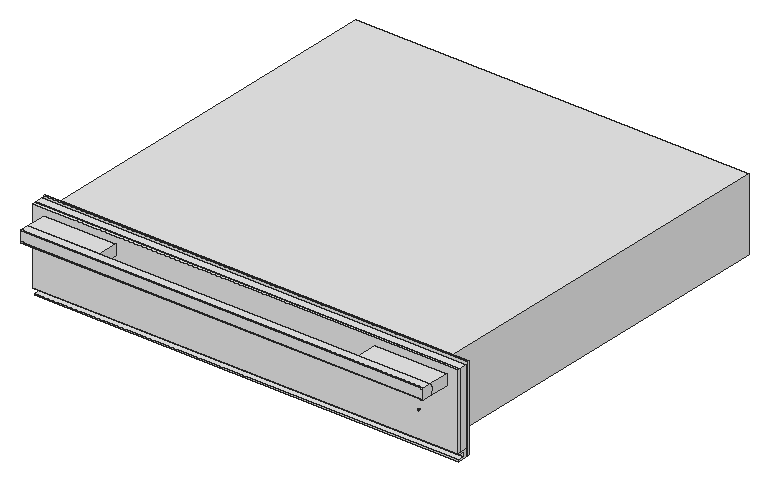
Revit family "Fisher & Paykel Warming Drawer WB60SDEB1", category Generic Models, host Floor, Revit 2013
Parameters (values of type "Fisher&Paykel Warming Drawer WB60SDEB1")
  Warming Drawer = Warming Drawer
  URL = "www.fisherpaykel.com"
  Model = "WB60SDEB1"
  Manufacturer = "Fisher&Paykel"
  Description = "Fisher&Paykel Warming Drawer WB60SDEB1"
Reference planes (in)
  plane 1 "Center (Front/Back)": y = 0
  plane 2: z = 0
  plane 3 "Center (Left/Right)": x = 0
Dimensions and locks (in)
  equal spacing: host sketch curve, plane 1 "Center (Front/Back)", host sketch curve
  equal spacing: host sketch curve, plane 3 "Center (Left/Right)", host sketch curve
  host sketch curve to host sketch curve = 10' - 0"  (x2)
  aligned and locked: level to plane 2
Nested families (in)
  nested 1: "old_Fisher & Paykel Warming Drawer WB60SDEB1" at (0, 0, 0), type "Fisher&Paykel Warming Drawer WB60SDEB1"
Definition of nested family "old_Fisher & Paykel Warming Drawer WB60SDEB1"
  Parameters (values of type "Fisher&Paykel Warming Drawer WB60SDEB1")
    Width = 1' - 11.46457"
    URL = "www.fisherpaykel.com"
    Warming Drawer = Warming Drawer
    Model = "WB60SDEB1"
    Manufacturer = "Fisher&Paykel"
    Height = 0' - 4.64567"
    Description = "Fisher&Paykel Warming Drawer WB60SDEB1"
    Depth = 1' - 9.09449"
  Reference planes (in)
    plane 1 "Center (Front/Back)": y = 0
    plane 2: z = 0
    plane 3 "Center (Left/Right)": x = 0
    plane 4: x = -11.73228
    plane 5: x = 11.73228
    plane 6: y = 10.54724
    plane 7: y = -10.54724
    plane 8: z = 4.64567
    plane 9: x = -10.84646
    plane 10: x = 10.84646
    plane 11: y = -11.29921
    plane 12: y = -12.91339
    plane 13: x = -11.12205
    plane 14: x = 11.12205
    plane 15: z = 0.62992
    plane 16: z = 4.17323
    plane 17: z = 3.54331
    plane 18: z = 0.3937
    plane 19: y = 9.8622
    plane 20: y = -10.61024
    plane 21: y = -10.74409
    plane 22: y = -11.14173
    plane 23: z = 0.68898
    plane 24: z = 2.42126
    plane 25: z = 4.56693
  Forms (in)
    Extrusion 1, solid, material "Warming Drawer" <- "Warming Drawer"
      sketch origin (0, 0, 0) x (1, 0, 0) y (0, 1, 0)
        loop
          line (-10.84646, 9.8622) -> (-10.84646, -10.54724) -> (10.84646, -10.54724) -> (10.84646, 9.8622) -> (-10.84646, 9.8622)
      from 0.62992 to 4.64567
    Extrusion 2, solid, material "Warming Drawer" <- "Warming Drawer"
      sketch origin (0, -0.05906, -9.29134) x (1, 0, 0) y (0, 1, 0)
        loop
          line (-11.11417, -12.39394) -> (-7.17717, -12.39394) -> (-7.17717, -11.27559) -> (-11.11417, -11.27559) -> (-11.11417, -12.39394)
        loop
          line (11.11417, -12.39394) -> (11.11417, -11.27559) -> (7.17717, -11.27559) -> (7.17717, -12.39394) -> (11.11417, -12.39394)
      from 12.85827 to 13.46457
    Extrusion 3, solid, material "Warming Drawer" <- "Warming Drawer"
      sketch origin (0, -0.05906, -9.29134) x (0, 1, 0) y (0, 0, 1)
        loop
          arc (-12.92913, 12.90197) -> (-12.91288, 12.86271) -> (-12.87362, 12.84646) r 0.05551
          line (-12.87362, 12.84646) -> (-12.43569, 12.84646)
          arc (-12.43569, 12.84646) -> (-12.29886, 13.16142) -> (-12.43569, 13.47638) r 0.43093
          line (-12.43569, 13.47638) -> (-12.8736, 13.47638)
          arc (-12.8736, 13.47638) -> (-12.91287, 13.46011) -> (-12.92913, 13.42085) r 0.05553
          line (-12.92913, 13.42085) -> (-12.92913, 12.90197)
      from -11.12205 to 11.12205
    Extrusion 4, solid, material "Warming Drawer" <- "Warming Drawer"
      sketch origin (0, 0, 0) x (1, 0, 0) y (0, 1, 0)
        loop
          line (10.05906, 9.8622) -> (10.05906, 10.55512) -> (7.69685, 10.55512) -> (7.69685, 9.8622) -> (10.05906, 9.8622)
      from 2.12598 to 3.70079
    Extrusion 5, solid, material "Warming Drawer" <- "Warming Drawer"
      sketch origin (0, 0.06177, 0.66021) x (0, 1, 0) y (0, 0, 1)
        loop
          circle (10.25761, 2.2529) r 0.15748
      from 6.90945 to 7.69685
    Extrusion 6, solid, material "Warming Drawer" <- "Warming Drawer"
      sketch origin (0, 0, 0) x (0, 1, 0) y (0, 0, 1)
        loop
          line (-10.54724, 4.64567) -> (-10.61024, 4.64567) -> (-10.61024, 0) -> (-10.54724, 0) -> (-10.54724, 4.64567)
      from -11.73228 to 11.73228
    Extrusion 7, solid, material "Warming Drawer" <- "Warming Drawer"
      sketch origin (0, 0, 0) x (1, 0, 0) y (0, 1, 0)
        loop
          line (-10.54724, -10.61024) -> (-10.54724, -10.74409) -> (7.01181, -10.74409) -> (7.01181, -10.61024) -> (-10.54724, -10.61024)
      from 0.69291 to 2.4252
    Extrusion 8, solid, material "Warming Drawer" <- "Warming Drawer"
      sketch origin (0, 0, 0) x (0, 1, 0) y (0, 0, 1)
        loop
          line (-11.33465, 4.56693) -> (-11.33465, 0.38583) -> (-11.17717, 0.38583) -> (-11.17717, 4.56693) -> (-11.33465, 4.56693)
      from -11.73228 to 11.73228
    Extrusion 9, solid, material "Warming Drawer" <- "Warming Drawer"
      sketch origin (0, 0, 0) x (0, 1, 0) y (0, 0, 1)
        loop
          line (-10.74409, 0.38583) -> (-11.25591, 0.38583) -> (-11.25591, 0.31496) -> (-10.8937, 0.31496) -> (-10.8937, 0.07874) -> (-11.25591, 0.07874) -> (-11.25591, 0) -> (-10.74409, 0) -> (-10.74409, 0.38583)
      from -11.73228 to 11.73228
    Extrusion 10, solid, material "Warming Drawer" <- "Warming Drawer"
      sketch origin (0, 0, 0) x (0, 1, 0) y (0, 0, 1)
        loop
          line (-11.17717, 4.56693) -> (-11.17717, 0.38583) -> (-10.74409, 0.38583) -> (-10.74409, 4.56693) -> (-11.17717, 4.56693)
      from -11.73228 to 11.73228
    Extrusion 11, void
      sketch origin (0, 0, 0) x (1, 0, 0) y (0, 0, 1)
        loop
          circle (9.63062, 1.8622) r 0.07874
      from 11.17717 to 11.33465
  Cuts and joins
    Extrusion 11 cuts Extrusion 1
    Extrusion 11 cuts Extrusion 8
  Dimensions and locks (in)
    equal spacing: plane 4, plane 3 "Center (Left/Right)", plane 5
    equal spacing: plane 6, plane 1 "Center (Front/Back)", plane 7
    "Width": plane 4 to plane 5
    "Depth": plane 6 to plane 7
    "Height": plane 8 to level
    plane 9 to plane 10 = 1' - 9.69291"
    plane 7 to plane 20 to plane 21 to plane 22 to plane 11 to plane 12 = 0' - 0.06299", 0' - 0.13386", 0' - 0.39764", 0' - 0.15748", 0' - 1.61417"
    plane 13 to plane 14 = 1' - 10.24409"
    plane 15 to level = 0' - 0.62992"
    plane 16 to level = 0' - 4.17323"
    plane 17 to level = 0' - 3.54331"
    plane 18 to level = 0' - 0.3937"
    plane 19 to plane 6 = 0' - 0.68504"
    aligned and locked: plane 2 to level
    aligned and locked: plane 8 to Extrusion 1
    aligned and locked: plane 9 to Extrusion 1 sketch curve
    aligned and locked: plane 10 to Extrusion 1 sketch curve
    aligned and locked: Extrusion 1 to plane 15
    aligned and locked: plane 19 to Extrusion 1 sketch curve
    aligned and locked: Extrusion 1 sketch curve to plane 7
    aligned and locked: Extrusion 1 to Extrusion 6 sketch curve
    aligned and locked: Extrusion 6 sketch curve to Extrusion 1
    aligned and locked: Extrusion 6 sketch curve to level
    aligned and locked: Extrusion 6 sketch curve to plane 20
    aligned and locked: Extrusion 6 to plane 5
    aligned and locked: Extrusion 6 to plane 4
    aligned and locked: Extrusion 8 sketch curve to plane 25
    aligned and locked: plane 21 to Extrusion 9 sketch curve
    aligned and locked: level to Extrusion 9 sketch curve
    aligned and locked: Extrusion 9 to plane 5
    aligned and locked: Extrusion 9 to plane 4
    aligned and locked: Extrusion 10 sketch curve to Extrusion 9
    aligned and locked: Extrusion 10 to plane 5
    aligned and locked: Extrusion 10 to plane 4
  Automatic sketch dimensions
    plane 19 to Extrusion 4 sketch curve = 0' - 0"
    plane 6 to Extrusion 4 sketch curve = 0' - 0.00787"
    plane 10 to Extrusion 4 sketch curve = 0' - 3.14961"
    plane 10 to Extrusion 4 sketch curve = 0' - 0.7874"
    Extrusion 5 sketch curve to plane 6 = 0' - 0.22787"
    Extrusion 5 sketch curve to plane 17 = 0' - 0.63019"
    Extrusion 9 sketch curve to Extrusion 9 sketch curve = 0' - 0.14961"
    plane 11 to Extrusion 9 sketch curve = 0' - 0.04331"  (x2)
    level to Extrusion 9 sketch curve = 0' - 0.07874"
    Extrusion 9 sketch curve to Extrusion 9 sketch curve = 0' - 0.07087"
    Extrusion 9 sketch curve to plane 18 = 0' - 0.07874"
    Extrusion 10 sketch curve to plane 18 = 0' - 0.00787"
    Extrusion 10 sketch curve to plane 22 = 0' - 0.03543"
    Extrusion 10 sketch curve to plane 25 = 0' - 0"
    Extrusion 8 sketch curve to plane 18 = 0' - 0.00787"
    Extrusion 8 sketch curve to plane 11 = 0' - 0.03543"
    Extrusion 8 sketch curve to plane 22 = 0' - 0.03543"
    Extrusion 3 sketch curve to plane 12 = 0' - 0.0748"
    plane 17 to Extrusion 3 sketch curve = 0' - 0.01181"
    Extrusion 3 sketch curve to plane 12 = 0' - 0.01929"
    Extrusion 3 sketch curve to plane 12 = 0' - 0.01927"
    plane 12 to Extrusion 3 sketch curve = 0' - 0.12454"
    plane 12 to Extrusion 3 sketch curve = 0' - 0.41865"  (x2)
    plane 16 to Extrusion 3 sketch curve = 0' - 0.01181"
    plane 13 to Extrusion 2 sketch curve = 0' - 0.00787"
    plane 12 to Extrusion 2 sketch curve = 0' - 0.46039"  (x2)
    Extrusion 2 sketch curve to plane 11 = 0' - 0.03543"  (x2)
    plane 9 to Extrusion 2 sketch curve = 0' - 3.66929"
    plane 10 to Extrusion 2 sketch curve = 0' - 3.66929"
    plane 14 to Extrusion 2 sketch curve = 0' - 0.00787"
    Extrusion 7 sketch curve to plane 21 = 0' - 0"
    Extrusion 7 sketch curve to plane 20 = 0' - 0"
    plane 9 to Extrusion 7 sketch curve = 0' - 0.29921"
    Extrusion 7 sketch curve to Extrusion 7 sketch curve = 1' - 5.55906"
    Extrusion 11 sketch curve to plane 24 = 0' - 0.55906"
    plane 10 to Extrusion 11 sketch curve = 0' - 1.21583"
    radius of Extrusion 5 sketch curve = 0' - 0.15748"
    radius of Extrusion 11 sketch curve = 0' - 0.07874"
